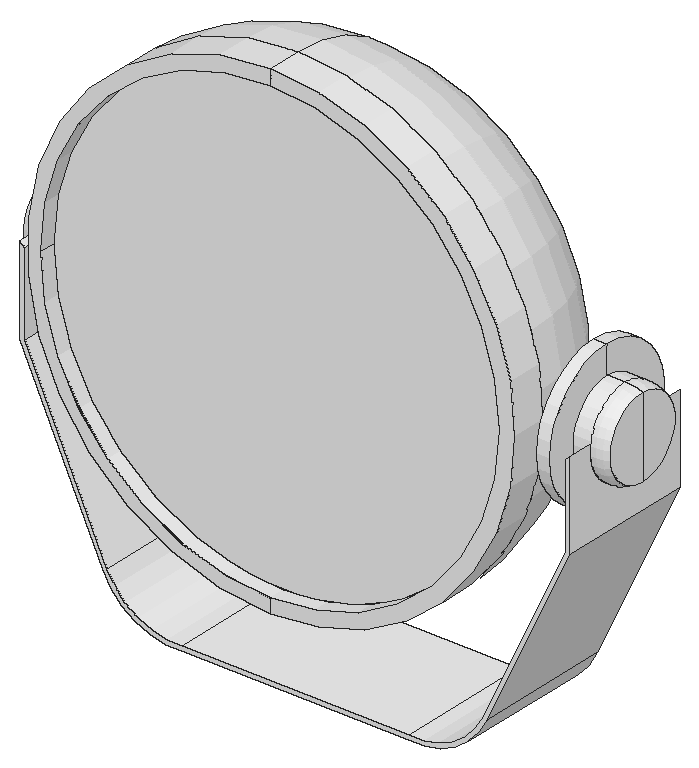
Revit family "Lighting-Accent-Acclaim-Aqua Drum HO", category Lighting Fixtures, host Face, Revit 2015
Parameters (values of type "Aqua Drum HO")
  Width = 2.72"
  Length = 8.30"
  Wattage = 9.2903 W
  built-in parameter 1150110 = 1 (stored number, unit not read)
  Voltage = 0 V
  URL = "http://www.acclaimlighting.com/"
  built-in parameter 1114217 = 1 (stored number, unit not read)
  Tilt Angle = -90.00°
  built-in parameter 1150109 = 1 (stored number, unit not read)
  built-in parameter 1150134 = 3
  built-in parameter 1150113 = 1 (stored number, unit not read)
  Power Factor = 1
  Photometric Web File = "generic"
  Number of Poles = 1
  built-in parameter 1150142 = (empty or 0)
  Model = "Aqua Drum HO"
  Manufacturer = "Acclaim Lighting"
  built-in parameter 1150105 = 109.82 (stored number, unit not read)
  Lumens = 1380 lm
  built-in parameter 1150115 = 1 (stored number, unit not read)
  built-in parameter 1150137 = (empty or 0)
  built-in parameter 1150139 = (empty or 0)
  built-in parameter 1150112 = 1 (stored number, unit not read)
  built-in parameter 1150114 = 1 (stored number, unit not read)
  Lamp = "LED"
  built-in parameter 1150132 = (empty or 0)
  built-in parameter 1150102 = (empty or 0)
  built-in parameter 1150107 = 3200 (stored number, unit not read)
  built-in parameter 1150138 = (empty or 0)
  built-in parameter 1150106 = 1.0982 (stored number, unit not read)
  Housing Finish = Aluminum
  Height = 8.12"
  Emit from Circle Diameter = 7.00"
  Emit Shape Visible in Rendering = no
  built-in parameter 1150104 = 13.8 (stored number, unit not read)
  Dimming Lamp Color Temperature Shift = <None>
  Description = "Accent Fixture"
  Default Elevation = 48.00"
  Color Filter = 16777215
  built-in parameter 1114218 = 1 (stored number, unit not read)
  built-in parameter 1150133 = 10 (stored number, unit not read)
  Apparent Load = 0 VA
Reference planes (in)
  plane 1 "Center (Front/Back)": y = 0
  plane 2: z = 0
  plane 3 "Center (Left/Right)": x = 0
  plane 4: x = 0
  plane 5: z = 8.12
  plane 6: x = -4.15
  plane 7: x = 4.15
  plane 8: y = 1.36
  plane 9: y = -1.36
Forms (in)
  Revolve 1, solid, material "Aluminum" <- "Housing Finish"
    sketch origin (0, 0, -1.75) x (0, 1, 0) y (0, 0, 1)
      loop
        line (-1.36, 9.87) -> (-1.36, 6.4143) -> (1.36, 6.4143) -> (1.36, 8.2)
        arc (1.36, 8.2) -> (0.529, 9.40589) -> (-0.86, 9.87) r 2.31057
        line (-0.86, 9.87) -> (-1.36, 9.87)
      axis (-1.36, 6.4143) -> (1.36, 6.4143)
    angle from 0 to 360
  Extrusion 2, solid, material "Aluminum" <- "Housing Finish"
    sketch origin (0.09498, 0, 0.94419) x (1, 0, 0) y (0, 0, 1)
      loop
        line (-3.96963, 3.4574) -> (-3.96963, 2.2074) -> (-2.80157, -0.2975)
        arc (-2.80157, -0.2975) -> (-2.34348, -0.79743) -> (-1.68148, -0.94419) r 1.12746
        line (-1.68148, -0.94419) -> (1.53059, -0.94419)
        arc (1.53059, -0.94419) -> (2.19258, -0.79743) -> (2.65067, -0.2975) r 1.12746
        line (2.65067, -0.2975) -> (3.81873, 2.2074) -> (3.81873, 3.4574) -> (3.75623, 3.3949) -> (3.75623, 2.22126) -> (2.59403, -0.27109)
        arc (2.59403, -0.27109) -> (2.16016, -0.74397) -> (1.53336, -0.88169) r 1.06496
        line (1.53336, -0.88169) -> (-1.68425, -0.88169)
        arc (-1.68425, -0.88169) -> (-2.31106, -0.74397) -> (-2.74493, -0.27109) r 1.06496
        line (-2.74493, -0.27109) -> (-3.90713, 2.22126) -> (-3.90713, 3.3949) -> (-3.96963, 3.4574)
    from -0.97615 to 0.95624
  Extrusion 3, void
    sketch origin (0, 0.41789, -1.75) x (1, 0, 0) y (0, 0, 1)
      loop
        circle (-0.01342, 6.40936) r 3.25
    from 1.55288 to 1.77789
  Revolve 4, solid, material "Aluminum" <- "Housing Finish"
    sketch origin (-3.19413, 0, -5.34931) x (1, 0, 0) y (0, 0, 1)
      loop
        line (7.36657, 9.66209) -> (7.36657, 10.22888)
        arc (7.36657, 10.22888) -> (7.24445, 10.26765) -> (7.11657, 10.27577) r 0.52626
        line (7.11657, 10.27577) -> (6.86657, 10.27577) -> (6.86657, 10.67747) -> (6.6838, 10.67747) -> (6.6838, 9.66209) -> (7.36657, 9.66209)
      axis (6.6838, 9.66209) -> (7.36657, 9.66209)
    angle from 0 to 360
  Revolve 5, solid, material "Aluminum" <- "Housing Finish"
    sketch origin (3.22444, 0, -5.43014) x (-1, 0, 0) y (0, 0, 1)
      loop
        line (7.36657, 9.66209) -> (7.36657, 10.22888)
        arc (7.36657, 10.22888) -> (7.24445, 10.26765) -> (7.11657, 10.27577) r 0.52626
        line (7.11657, 10.27577) -> (6.86657, 10.27577) -> (6.86657, 10.67747) -> (6.6838, 10.67747) -> (6.6838, 9.66209) -> (7.36657, 9.66209)
      axis (6.6838, 9.66209) -> (7.36657, 9.66209)
    angle from 0 to 360
Cuts and joins
  Extrusion 3 cuts Revolve 1
Dimensions and locks (in)
  "Height": plane 5 to level
  equal spacing: plane 7, plane 3 "Center (Left/Right)", plane 6
  "Length": plane 7 to plane 6
  equal spacing: plane 8, plane 1 "Center (Front/Back)", plane 9
  "Width": plane 8 to plane 9
  plane 5 to level = 8.12"
  aligned and locked: plane 2 to host face
  aligned and locked: level to host face
  aligned and locked: Revolve 1 to Extrusion 3
  aligned and locked: imposter light to cut or joined group of Revolve 1, Extrusion 3
Automatic sketch dimensions
  host sketch curve to host sketch curve = 96.00"  (x2)
  Revolve 4 sketch curve to plane 7 = 0.66032"
  Revolve 4 sketch curve to Revolve 4 sketch curve = 0.18277"
  Revolve 4 sketch curve to Revolve 4 sketch curve = 0.25"  (x2)
  Revolve 4 sketch curve to Revolve 4 sketch curve = 0.46364"
  Revolve 4 sketch curve to plane 5 = 3.80722"
  Revolve 4 sketch curve to Revolve 4 sketch curve = 0.08832"
  Revolve 4 sketch curve to Revolve 4 sketch curve = 0.47847"
  Revolve 4 sketch curve to Revolve 4 sketch curve = 0.40171"
  Revolve 4 sketch curve to Revolve 4 sketch curve = 0.00"  (x2)
  Revolve 4 sketch curve to Revolve 4 sketch curve = 1.16562"
  Revolve 5 sketch curve to plane 6 = 0.69063"
  Revolve 5 sketch curve to Revolve 5 sketch curve = 0.18277"
  Revolve 5 sketch curve to Revolve 5 sketch curve = 0.25"  (x2)
  Revolve 5 sketch curve to Revolve 5 sketch curve = 0.46364"
  plane 5 to Revolve 5 sketch curve = 3.88805"
  Revolve 5 sketch curve to Revolve 5 sketch curve = 0.08832"
  Revolve 5 sketch curve to Revolve 5 sketch curve = 0.47847"
  Revolve 5 sketch curve to Revolve 5 sketch curve = 0.40171"
  Revolve 5 sketch curve to Revolve 5 sketch curve = 0.00"  (x2)
  Revolve 5 sketch curve to Revolve 5 sketch curve = 1.16562"
  Revolve 1 sketch curve to plane 5 = 0.00"
  Revolve 1 sketch curve to plane 9 = 0.00"
  Revolve 1 sketch curve to plane 8 = 0.00"
  Revolve 1 sketch curve to plane 9 = 0.50"
  Revolve 1 sketch curve to plane 5 = 1.67"
  Revolve 1 sketch curve to Revolve 1 sketch curve = 1.7857"
  plane 9 to Revolve 1 sketch curve = 1.65961"
  Revolve 1 sketch curve to plane 5 = 3.4557"
  Revolve 1 sketch curve to plane 8 = 7.37039"
  Extrusion 2 sketch curve to Extrusion 2 sketch curve = 0.00"  (x4)
  Extrusion 2 sketch curve to level = 0.00"
  plane 6 to Extrusion 2 sketch curve = 0.27535"
  plane 6 to Extrusion 2 sketch curve = 0.33785"
  plane 6 to Extrusion 2 sketch curve = 1.44341"
  level to Extrusion 2 sketch curve = 0.6731"  (x2)
  Extrusion 2 sketch curve to Extrusion 2 sketch curve = 0.05664"  (x2)
  Extrusion 2 sketch curve to Extrusion 2 sketch curve = 0.96518"  (x2)
  level to Extrusion 2 sketch curve = 0.0625"
  Extrusion 2 sketch curve to Extrusion 2 sketch curve = 0.0955"  (x2)
  plane 3 "Center (Left/Right)" to Extrusion 2 sketch curve = 1.62833"
  level to Extrusion 2 sketch curve = 0.64668"
  Extrusion 2 sketch curve to plane 7 = 0.29879"
  Extrusion 2 sketch curve to plane 7 = 0.23629"
  Extrusion 2 sketch curve to Extrusion 2 sketch curve = 0.02641"
  Extrusion 2 sketch curve to Extrusion 2 sketch curve = 2.5049"  (x2)
  Extrusion 2 sketch curve to Extrusion 2 sketch curve = 0.01386"  (x2)
  Extrusion 2 sketch curve to Extrusion 2 sketch curve = 1.17364"  (x2)
  Extrusion 2 sketch curve to Extrusion 2 sketch curve = 0.0625"  (x2)
  Extrusion 3 sketch curve to plane 3 "Center (Left/Right)" = 0.01342"
  Extrusion 3 sketch curve to plane 5 = 3.46064"
  radius of Extrusion 3 sketch curve = 3.25"
Connectors (in)
  electrical at (0, 1.36, 4.6643), driven by "Number of Poles", driven by "Voltage", driven by "Apparent Load", driven by "Power Factor"
    settings: on cut or joined group of Revolve 1, Extrusion 3, index 1, voltage 0 V, apparent load 0 VA, apparent load phase1 0 VA, apparent load phase2 0 VA, apparent load phase3 0 VA, power factor 1, load classification "Other", number of poles 1, system type 31, power factor state 1, is connector primary yes, connector utility yes, sub classification motor no, connector description ""
